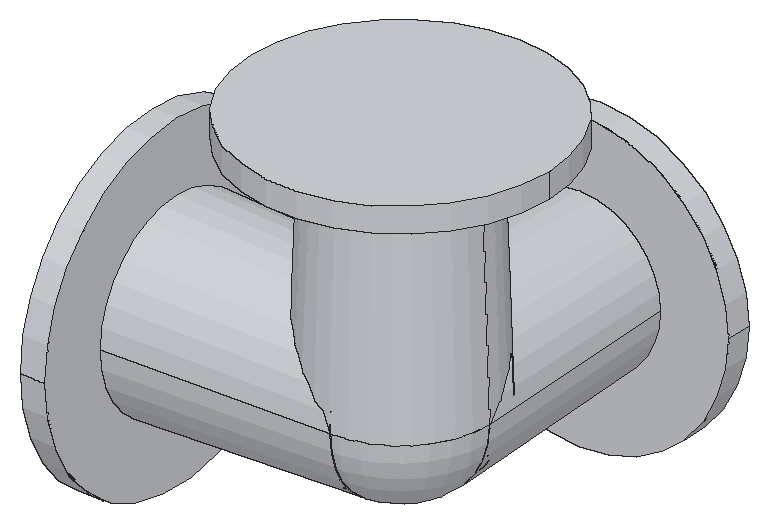
Revit family "448d0c61c2b14ca598f84a352831f85f", category Pipe Fittings, Revit 2021
Family settings
  Round Connector Dimension = Use Radius
  Part Type = Multi Port
  OmniClass Number = 23.60.30.11.14
  OmniClass Title = Pipework Fittings
  Seek Item ID = Elbow Reducing Side-Outlet - Flanged - GI - Class 25-0000-USA-ENU
  Work Plane-Based = No
  Always vertical = Yes
  Cut with Voids When Loaded = No
  Shared = No
Parameters (values of type "Standard")
  Wall Thickness 3 [instance] = size_lookup(Lookup Table Name, "WThk", 0.02 * Nominal Diameter 3 + 21/64", Nominal Diameter 3)  # 0.43307"
  Wall Thickness 2 [instance] = size_lookup(Lookup Table Name, "WThk", 0.02 * Nominal Diameter 2 + 21/64", Nominal Diameter 2)  # 0.43307"
  Wall Thickness 1 [instance] = size_lookup(Lookup Table Name, "WThk", 0.02 * Nominal Diameter 1 + 21/64", Nominal Diameter 1)  # 0.43307"
  Tick Size 3 [instance] = Flange Diameter 3 * 0.4  # 3.6063"
  Tick Size 2 [instance] = Flange Diameter 2 * 0.4  # 3.6063"
  Tick Size 1 [instance] = Flange Diameter 1 * 0.4  # 4"
  Nominal Radius 3 [instance] = 2"
  Nominal Radius 2 [instance] = 2"
  Nominal Diameter 3 [instance] = Nominal Radius 3 * 2  # 4"
  Nominal Diameter 2 [instance] = Nominal Radius 2 * 2  # 4"
  Loss Method = Not Defined
  Lookup Table Name = "Elbow Reducing Side-Outlet - Flanged - GI - Class 25"
  Length 9 [instance] = Center to Face + Center to Face * cos(Angle 2)  # 7.51969"
  Length 8 [instance] = Center to Face * sin(Angle 1)  # 7.51969"
  Length 7 [instance] = Center to Face + Center to Face * cos(Angle 1)  # 7.51969"
  Length 6 [instance] = Length 4 * sin(Angle 2)  # 6.77165"
  Length 5 [instance] = Center to Face + Length 4 * cos(Angle 2)  # 7.51969"
  Length 4 [instance] = Center to Face - Flange Thickness 3  # 6.77165"
  Length 3 [instance] = Length 1 * sin(Angle 1)  # 6.77165"
  Length 2 [instance] = Center to Face + Length 1 * cos(Angle 1)  # 7.51969"
  Length 15 [instance] = Center to Face - Flange Thickness 3  # 6.77165"
  Length 14 [instance] = Center to Face - Fitting Outside Radius 4 * cos(Angle 2)  # 7.51969"
  Length 13 [instance] = Fitting Outside Radius 4 * sin(Angle 2)  # 2.68701"
  Length 12 [instance] = Center to Face - Fitting Outside Radius 4 * cos(Angle 2)  # 7.51969"
  Length 11 [instance] = Fitting Outside Radius 4 * sin(Angle 2)  # 2.68701"
  Length 10 [instance] = Center to Face * sin(Angle 2)  # 7.51969"
  Length 1 [instance] = Center to Face - Flange Thickness 2  # 6.77165"
  Max Nominal Diameter 123 [instance] = if(Max Nominal Diameter 12 > Nominal Diameter 3, Max Nominal Diameter 12, Nominal Diameter 3)  # 5"
  Max Nominal Diameter 12 [instance] = if(Nominal Diameter 1 > Nominal Diameter 2, Nominal Diameter 1, Nominal Diameter 2)  # 5"
  Flange Thickness 3 [instance] = size_lookup(Lookup Table Name, "FThk", 0.03 * Nominal Diameter 3 + 169/256", Nominal Diameter 3)  # 0.74803"
  Flange Thickness 2 [instance] = size_lookup(Lookup Table Name, "FThk", 0.03 * Nominal Diameter 2 + 169/256", Nominal Diameter 2)  # 0.74803"
  Flange Radius 3 [instance] = Flange Diameter 3 / 2  # 4.50787"
  Flange Radius 2 [instance] = Flange Diameter 2 / 2  # 4.50787"
  Flange Diameter 3 [instance] = size_lookup(Lookup Table Name, "FDia", 1.16 * Nominal Diameter 3 + 4 11/16", Nominal Diameter 3)  # 9.01575"
  Flange Diameter 2 [instance] = size_lookup(Lookup Table Name, "FDia", 1.16 * Nominal Diameter 2 + 4 11/16", Nominal Diameter 2)  # 9.01575"
  Fitting Outside Radius 3 [instance] = Fitting Outside Diameter 3 / 2  # 2.44094"
  Fitting Outside Radius 4 [instance] = (Fitting Outside Radius 1 + Fitting Outside Radius 2) / 2  # 2.68701"
  Fitting Outside Radius 2 [instance] = Fitting Outside Diameter 2 / 2  # 2.44094"
  Fitting Outside Radius 1 [instance] = Fitting Outside Diameter 1 / 2  # 2.93307"
  Fitting Outside Diameter 2 [instance] = Fitting Inside Diameter 2 + Wall Thickness 2 * 2  # 4.88189"
  Fitting Outside Diameter 1 [instance] = Fitting Inside Diameter 1 + Wall Thickness 1 * 2  # 5.86614"
  Nominal Radius 1 [instance] = 2 1/2"
  Nominal Diameter 1 [instance] = Nominal Radius 1 * 2  # 5"
  Fitting Outside Diameter 3 [instance] = Fitting Inside Diameter 3 + Wall Thickness 3 * 2  # 4.88189"
  Fitting Inside Diameter 3 [instance] = size_lookup(Lookup Table Name, "FID", 1.02 * Nominal Diameter 3 - 0", Nominal Diameter 3)  # 4.01575"
  Fitting Inside Diameter 2 [instance] = size_lookup(Lookup Table Name, "FID", 1.02 * Nominal Diameter 2 - 0", Nominal Diameter 2)  # 4.01575"
  Fitting Inside Diameter 1 [instance] = size_lookup(Lookup Table Name, "FID", 1.02 * Nominal Diameter 1 - 0", Nominal Diameter 1)  # 5"
  Default Elevation = 0' - 0"
  Center to Face [instance] = size_lookup(Lookup Table Name, "CtF", 0.67 * Max Nominal Diameter 123 + 4 89/256", Max Nominal Diameter 123)  # 7.51969"
  Flange Thickness 1 [instance] = size_lookup(Lookup Table Name, "FThk", 0.03 * Nominal Diameter 1 + 169/256", Nominal Diameter 1)  # 0.74803"
  Flange Radius 1 [instance] = Flange Diameter 1 / 2  # 5"
  Flange Diameter 1 [instance] = size_lookup(Lookup Table Name, "FDia", 1.16 * Nominal Diameter 1 + 4 11/16", Nominal Diameter 1)  # 10"
  Assembly Code = ""
  Angle 3 [instance] = 90.00° - Angle 2  # 0.00°
  Angle 2 [instance] = 90.00°
  Angle 1 [instance] = 90.00°
Reference planes (in)
  plane 1 "Center (Front/Back)": y = 0
  plane 2: z = 0
  plane 3 "Center (Left/Right)": x = 0
  plane 4: x = -7.51969
  plane 5: x = -6.77165
  plane 6: y = 6.77165
  plane 7: x = 0
  plane 8: z = 6.77165
  plane 9: x = 0
  plane 10: x = 0
  plane 11: y = 7.51969
  plane 12: x = 0
  plane 13: z = 7.51969
  plane 14: x = 0
  plane 15: z = -2.68701
  plane 16: x = 0
  plane 17: z = -2.68701
Forms (in)
  Sweep 1, solid, detail levels fine
    path in 3D
      loop
        line (-7.51969, 0, 0) -> (-6.77165, 0, 0)
    profile origin (-7.14567, 0, 0) x (0, 1, 0) y (0, 0, 1)
      loop
        circle (0, 0) r 5
  SweptBlend 2, solid, detail levels fine
    path in 3D
      loop
        line (-6.77165, 0, 0) -> (0, 0, 0)
    profile origin (-6.77165, 0, 0) x (0, 1, 0) y (0, 0, 1)
      loop
        circle (0, 0) r 2.93307
    end profile origin (0, 0, 0) x (0, 1, 0) y (0, 0, 1)
      loop
        circle (0, 0) r 2.68701
  SweptBlend 3, solid, detail levels fine
    path in 3D
      loop
        line (0, 0, 0) -> (0, 6.77165, 0)
    profile origin (0, 0, 0) x (-1, 0, 0) y (0, 0, 1)
      loop
        circle (0, 0) r 2.68701
    end profile origin (0, 6.77165, 0) x (-1, 0, 0) y (0, 0, 1)
      loop
        circle (0, 0) r 2.44094
  Sweep 4, solid, detail levels fine
    path in 3D
      loop
        line (0, 6.77165, 0) -> (0, 7.51969, 0)
    profile origin (0, 7.14567, 0) x (-1, 0, 0) y (0, 0, 1)
      loop
        circle (0, 0) r 4.50787
  Sweep 5, solid, detail levels fine
    path in 3D
      loop
        line (0, 0, 6.77165) -> (0, 0, 7.51969)
    profile origin (0, 0, 7.14567) x (-1, 0, 0) y (0, -1, 0)
      loop
        circle (0, 0) r 4.50787
  SweptBlend 6, solid, detail levels fine
    path in 3D
      loop
        line (0, 0, 0) -> (0, 0, 6.77165)
    profile origin (0, 0, 0) x (-1, 0, 0) y (0, -1, 0)
      loop
        circle (0, 0) r 2.68701
    end profile origin (0, 0, 6.77165) x (-1, 0, 0) y (0, -1, 0)
      loop
        circle (0, 0) r 2.44094
  Revolve 7, solid, detail levels fine
    sketch origin (0, 0, 0) x (0, 0, -1) y (1, 0, 0)
      loop
        line (0, 0) -> (2.68701, 0)
        arc (2.68701, 0) -> (1.9, 1.9) -> (0, 2.68701) r 2.68701
        line (0, 2.68701) -> (0, 0)
      axis (2.68701, 0) -> (0, 0)
    angle from 0 to 360
Cuts and joins
  joined: Sweep 1, SweptBlend 2
  joined: SweptBlend 3, Sweep 4
Lines and regions (in)
  model lines, detail levels coarse+medium
    curve 1: line (-6.77165, 0, 0) -> (0, 0, 0)
    curve 2: line (-7.51969, 0, 0) -> (-6.77165, 0, 0)
    curve 5: line (0, 0, 0) -> (0, 6.77165, 0)
    curve 6: line (0, 6.77165, 0) -> (0, 7.51969, 0)
    curve 9: line (0, 0, 0) -> (0, 0, 6.77165)
    curve 10: line (0, 0, 6.77165) -> (0, 0, 7.51969)
    curve 15: line (-7.51969, 4, 0) -> (-7.51969, 0, 0)
    curve 16: line (-7.51969, -4, 0) -> (-7.51969, 0, 0)
    curve 17: line (0, 7.51969, 0) -> (3.6063, 7.51969, 0)
    curve 18: line (0, 7.51969, 0) -> (-3.6063, 7.51969, 0)
    curve 19: line (0, 0, 7.51969) -> (3.6063, 0, 7.51969)
    curve 20: line (0, 0, 7.51969) -> (-3.6063, 0, 7.51969)
  sketch lines
    curve 3: line (-7.51969, 0, 0) -> (-6.77165, 0, 0)
    curve 4: line (-6.77165, 0, 0) -> (0, 0, 0)
    curve 7: line (0, 0, 0) -> (0, 6.77165, 0)
    curve 8: line (0, 6.77165, 0) -> (0, 7.51969, 0)
    curve 11: line (0, 0, 6.77165) -> (0, 0, 7.51969)
    curve 22: line (0, 0, 0) -> (0, 0, 6.77165)
  reference lines
    curve 12: line (-7.51969, 0, 0) -> (-6.77165, 0, 0)
    curve 13: line (0, 7.51969, 0) -> (0, 6.77165, 0)
    curve 14: line (0, 0, 7.51969) -> (0, 0, 6.77165)
    curve 21: line (0, 0, 0) -> (0, 0, 6.77165)
    curve 23: line (0, 0, 0) -> (0, 0, -2.68701)
    curve 24: arc (0, 0, -2.68701) -> (1.9, 0, -1.9) -> (2.68701, 0, 0) r 2.68701
    curve 25: line (0, 0, 0) -> (2.68701, 0, 0)
    curve 26: line (0, 0, -2.68701) -> (0, 0, 0)
    curve 27: line (2.68701, 0, 0) -> (0, 0, 0)
    curve 28: arc (0, 0, -2.68701) -> (1.9, 0, -1.9) -> (2.68701, 0, 0) r 2.68701
Dimensions and locks (in)
  "Center to Face": plane 4 to plane 3 "Center (Left/Right)"
  "Flange Thickness 1": plane 4 to plane 5
  "Length 1": curve 5 to curve 5
  "Length 2": plane 4 to plane 7
  "Length 3": plane 6 to plane 1 "Center (Front/Back)"
  "Flange Thickness 2": curve 6 to curve 6
  "Length 4": curve 9 to curve 9
  "Length 6": plane 8 to plane 2
  "Length 5": plane 9 to plane 4
  "Flange Thickness 3": curve 10 to curve 10
  "Length 7": plane 4 to plane 10
  "Length 8": plane 11 to plane 1 "Center (Front/Back)"
  "Length 9": plane 12 to plane 4
  "Length 10": plane 13 to plane 2
  "Tick Size 1": curve 15 to curve 15
  "Tick Size 1": curve 16 to curve 16
  "Tick Size 2": curve 17 to curve 17
  "Tick Size 2": curve 18 to curve 18
  "Tick Size 3": curve 19 to curve 19
  "Tick Size 3": curve 20 to curve 20
  "Length 15": curve 21 to curve 21
  "Length 11": plane 2 to plane 15
  "Length 13": plane 2 to plane 17
  "Length 12": plane 14 to plane 4
  "Length 14": plane 16 to plane 4
  "Fitting Outside Radius 4": curve 23 to curve 23
  "Fitting Outside Radius 4": curve 25 to curve 25
  locked: Revolve 7 sketch curve to Revolve 7 sketch curve at 4.17158
  "Flange Radius 1": radius of Sweep 1 sketch curve
  "Fitting Outside Radius 1": radius of SweptBlend 2 sketch curve
  "Fitting Outside Radius 4": radius of SweptBlend 2 sketch curve
  "Fitting Outside Radius 4": radius of SweptBlend 3 sketch curve
  "Fitting Outside Radius 2": radius of SweptBlend 3 sketch curve
  "Flange Radius 2": radius of Sweep 4 sketch curve
  "Flange Radius 3": radius of Sweep 5 sketch curve
  "Fitting Outside Radius 4": radius of SweptBlend 6 sketch curve
  "Fitting Outside Radius 3": radius of SweptBlend 6 sketch curve
  "Angle 1": angle plane 1 "Center (Front/Back)" to curve 5
  "Angle 1": angle plane 6 to curve 6
  "Angle 2": angle plane 2 to curve 9
  "Angle 2": angle plane 8 to curve 10
  "Angle 1": angle plane 11 to curve 13
  "Angle 2": angle plane 13 to curve 14
  locked: curve 5 to curve 17 (angle 90.00°)
  locked: curve 18 to curve 5 (angle 90.00°)
  locked: curve 9 to curve 19 (angle 90.00°)
  locked: curve 20 to curve 9 (angle 90.00°)
  "Angle 3": angle curve 21 to plane 3 "Center (Left/Right)"
  "Angle 2": angle plane 2 to curve 23
  locked: curve 24 to curve 24 (angle 90.00°)
  locked: curve 23 to curve 25 (angle 90.00°)
  "Angle 2": angle plane 2 to Revolve 7 sketch curve
  "Angle 2": angle plane 17 to curve 26
  locked: curve 26 to curve 27 (angle 90.00°)
  locked: curve 28 to curve 28 (angle 90.00°)
  aligned and locked: plane 1 "Center (Front/Back)" to curve 1
  aligned and locked: plane 4 to curve 2
  aligned and locked: plane 5 to curve 2
  aligned and locked: plane 3 "Center (Left/Right)" to curve 5
  aligned and locked: plane 1 "Center (Front/Back)" to curve 5
  aligned and locked: plane 2 to curve 9
  aligned and locked: plane 3 "Center (Left/Right)" to curve 9
  aligned and locked: plane 4 to curve 12
  aligned and locked: plane 1 "Center (Front/Back)" to curve 12
  aligned and locked: plane 11 to curve 13
  aligned and locked: plane 10 to curve 13
  aligned and locked: plane 13 to curve 14
  aligned and locked: plane 12 to curve 14
  aligned and locked: curve 15 to plane 4
  aligned and locked: plane 1 "Center (Front/Back)" to curve 16
  aligned and locked: plane 4 to curve 16
  aligned and locked: plane 3 "Center (Left/Right)" to curve 21
  aligned: plane 3 "Center (Left/Right)" to curve 5
  aligned and locked: plane 2 to curve 5
  aligned and locked: plane 3 "Center (Left/Right)" to curve 24
  aligned and locked: plane 2 to curve 24
  aligned and locked: plane 15 to curve 24
  aligned and locked: plane 14 to curve 24
  aligned: plane 3 "Center (Left/Right)" to curve 13
  aligned and locked: plane 2 to curve 13
  aligned and locked: Revolve 7 sketch curve to curve 23
  aligned and locked: Revolve 7 sketch curve to curve 25
  aligned and locked: Revolve 7 sketch curve to curve 24
  aligned and locked: plane 2 to Revolve 7 sketch curve
  aligned and locked: plane 3 "Center (Left/Right)" to Revolve 7 sketch curve
  aligned and locked: plane 17 to curve 26
  aligned and locked: plane 16 to curve 26
  aligned and locked: plane 3 "Center (Left/Right)" to curve 27
  aligned and locked: plane 2 to curve 27
  aligned and locked: plane 3 "Center (Left/Right)" to curve 28
  aligned and locked: plane 2 to curve 28
Automatic sketch dimensions
  curve 23 to plane 15 = 0' - 0"
  curve 12 to plane 5 = 0' - 0"
  Sweep 1 sketch curve to profile plane = 0' - 0"  (x2)
  SweptBlend 2 sketch curve to profile plane = 0' - 0"  (x4)
  SweptBlend 3 sketch curve to profile plane = 0' - 0"  (x4)
  Sweep 4 sketch curve to profile plane = 0' - 0"  (x2)
  Sweep 5 sketch curve to profile plane = 0' - 0"
  profile plane to Sweep 5 sketch curve = 0' - 0"
  SweptBlend 6 sketch curve to profile plane = 0' - 0"  (x2)
  profile plane to SweptBlend 6 sketch curve = 0' - 0"  (x2)
Connectors (in)
  piping at (-7.51969, 0, 0), diameter 5, driven by "Angle 1", driven by "Nominal Radius 1"
    settings: on cut or joined group of Sweep 1, SweptBlend 2, index 1, connector inside diameter 5", connector length 0' - 0", flow factor 0, pipe flow 0 GPM, pressure drop 0.00 psi, fitting loss kfactor 0, connector angle 90.00°, fixture units 0, engagement length 0' - 0", angle of deflection 0.00°, flow configuration 0, flow direction 0, fitting loss method 0, system type 28, joint type 0, gender type 0, connector reference index 2, connector utility 0, adjustable connector no, is connector primary yes, connector description ""
  piping at (0, 7.51969, 0), diameter 4, driven by "Angle 1", driven by "Nominal Radius 2"
    settings: on cut or joined group of SweptBlend 3, Sweep 4, index 2, connector inside diameter 4", connector length 0' - 0", flow factor 0, pipe flow 0 GPM, pressure drop 0.00 psi, fitting loss kfactor 0, connector angle 90.00°, fixture units 0, engagement length 0' - 0", angle of deflection 0.00°, flow configuration 0, flow direction 0, fitting loss method 0, system type 28, joint type 0, gender type 0, connector reference index 1, connector utility 0, adjustable connector no, is connector primary no, connector description ""
  piping at (0, 0, 7.51969), diameter 4, driven by "Nominal Radius 3", driven by "Angle 2"
    settings: on Sweep 5, index 3, connector inside diameter 4", connector length 0' - 0", flow factor 0, pipe flow 0 GPM, pressure drop 0.00 psi, fitting loss kfactor 0, connector angle 90.00°, fixture units 0, engagement length 0' - 0", angle of deflection 0.00°, flow configuration 0, flow direction 0, fitting loss method 0, system type 28, joint type 0, gender type 0, connector reference index -1, connector utility 0, adjustable connector no, is connector primary no, connector description ""
